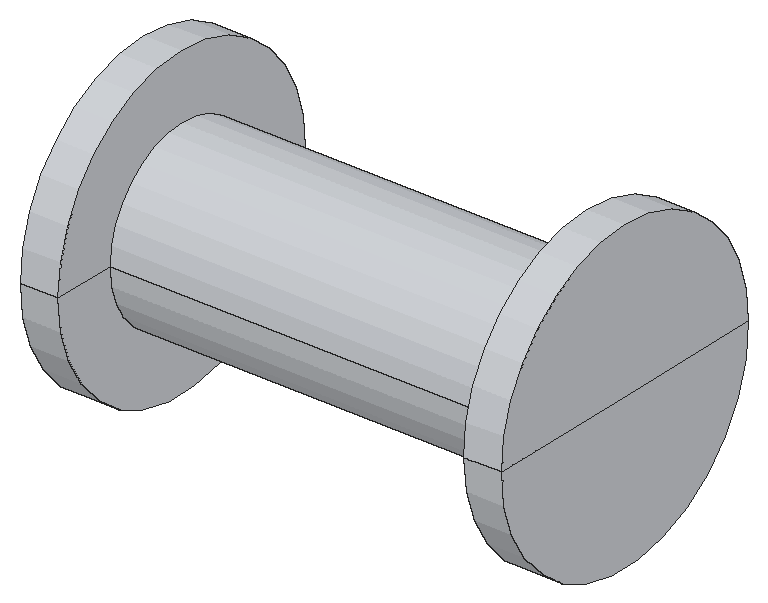
Revit family "6ab8475a066c41cba5f50ad92d708166", category Pipe Fittings, Revit 2021
Family settings
  Round Connector Dimension = Use Radius
  Part Type = Union
  OmniClass Number = 23.60.30.11.14
  OmniClass Title = Pipework Fittings
  Seek Item ID = Coupling - Generic-0000-USA-ENU
  Work Plane-Based = No
  Always vertical = Yes
  Cut with Voids When Loaded = No
  Shared = No
Parameters (values of type "Standard")
  Tick Size [instance] = Socket Outside Diameter * 0.4  # 1.7920"
  Socket Outside Radius [instance] = Socket Outside Diameter / 2  # 2.2400"
  Socket Outside Diameter [instance] = size_lookup(Lookup Table Name, "SOD", 1.08 * Nominal Diameter + 1.1200", Nominal Diameter)  # 4.4800"
  Nominal Radius [instance] = 1.5000"
  Nominal Diameter [instance] = Nominal Radius * 2  # 3.0000"
  Loss Method = K Coefficient from Table
  Lookup Table Name = "Sleeve Long Solid - MJ - DI - Class 350"
  Length Not Found [instance] = if(Nominal Diameter < 14.0000", 12.0000", if(Nominal Diameter < 30.0000", 15.0000", 24.0000"))  # 12.0000"
  Length [instance] = size_lookup(Lookup Table Name, "Lgt", Length Not Found, Nominal Diameter)  # 12.0000"
  K Coefficient Table = "Reducer/Coupling/Union/Increaser"
  Gland Width [instance] = size_lookup(Lookup Table Name, "GWid", 0.03 * Nominal Diameter + 0.9400", Nominal Diameter)  # 0.9400"
  Gland Outside Radius [instance] = Gland Outside Diameter / 2  # 3.8450"
  Gland Outside Diameter [instance] = size_lookup(Lookup Table Name, "GOD", 1.16 * Nominal Diameter + 4.0300", Nominal Diameter)  # 7.6900"
  Default Elevation = 0.0000"
Reference planes (in)
  plane 1 "Center (Front/Back)": y = 0
  plane 2: z = 0
  plane 3 "Center (Left/Right)": x = 0
  plane 4: x = -6
  plane 5: x = 6
  plane 6: y = 1.792
  plane 7: y = -1.792
  plane 8: y = 2.24
  plane 9: y = 3.845
  plane 10: x = -5.06
  plane 11: x = 5.06
Forms (in)
  Revolve 1, solid, detail levels fine
    sketch origin (0, 0, 0) x (1, 0, 0) y (0, 1, 0)
      loop
        line (-6, 0) -> (6, 0) -> (6, 3.845) -> (5.06, 3.845) -> (5.06, 2.24) -> (-5.06, 2.24) -> (-5.06, 3.845) -> (-6, 3.845) -> (-6, 0)
      axis (-6, 0) -> (6, 0)
    angle from 0 to 360
Lines and regions (in)
  model lines, detail levels coarse+medium
    curve 1: line (-6, 0, 0) -> (6, 0, 0)
    curve 2: line (-6, 1.792, 0) -> (-6, -1.792, 0)
    curve 3: line (6, 1.792, 0) -> (6, -1.792, 0)
Dimensions and locks (in)
  equal spacing: plane 4, plane 3 "Center (Left/Right)", plane 5
  "Length": plane 4 to plane 5
  "Tick Size": plane 6 to plane 1 "Center (Front/Back)"
  "Tick Size": plane 7 to plane 1 "Center (Front/Back)"
  "Socket Outside Radius": plane 8 to plane 1 "Center (Front/Back)"
  "Gland Outside Radius": plane 9 to plane 1 "Center (Front/Back)"
  "Gland Width": plane 4 to plane 10
  "Gland Width": plane 11 to plane 5
  aligned and locked: plane 6 to curve 2
  aligned and locked: plane 7 to curve 2
  aligned and locked: curve 2 to plane 4
  aligned and locked: plane 6 to curve 3
  aligned and locked: plane 7 to curve 3
  aligned and locked: plane 5 to curve 3
  aligned and locked: plane 4 to curve 1
  aligned and locked: plane 5 to curve 1
  aligned and locked: plane 1 "Center (Front/Back)" to curve 1
  aligned and locked: plane 1 "Center (Front/Back)" to Revolve 1 sketch curve
  aligned and locked: plane 5 to Revolve 1 sketch curve
  aligned and locked: plane 11 to Revolve 1 sketch curve
  aligned and locked: Revolve 1 sketch curve to plane 9  (x2)
  aligned and locked: Revolve 1 sketch curve to plane 8
  aligned and locked: Revolve 1 sketch curve to plane 10
  aligned and locked: plane 4 to Revolve 1 sketch curve
  aligned and locked: Revolve 1 sketch curve to Revolve 1 sketch curve
Automatic sketch dimensions
  Revolve 1 sketch curve to plane 4 = 4.7500"
  Revolve 1 sketch curve to Revolve 1 sketch curve = 6.7500"
Connectors (in)
  piping at (-6, 0, 0), diameter 3, driven by "Nominal Radius"
    settings: on Revolve 1, index 1, connector inside diameter 3.0000", connector length 0.0000", flow factor 0, pipe flow 0 GPM, pressure drop 0.00 psi, fitting loss kfactor 0, connector angle 0.00°, fixture units 0, engagement length 0.0000", angle of deflection 0.00°, flow configuration 0, flow direction 0, fitting loss method 0, system type 28, joint type 0, gender type 0, connector reference index 2, connector utility 0, adjustable connector no, is connector primary yes, connector description ""
  piping at (6, 0, 0), diameter 3, driven by "Nominal Radius"
    settings: on Revolve 1, index 2, connector inside diameter 3.0000", connector length 0.0000", flow factor 0, pipe flow 0 GPM, pressure drop 0.00 psi, fitting loss kfactor 0, connector angle 0.00°, fixture units 0, engagement length 0.0000", angle of deflection 0.00°, flow configuration 0, flow direction 0, fitting loss method 0, system type 28, joint type 0, gender type 0, connector reference index 1, connector utility 0, adjustable connector no, is connector primary no, connector description ""
